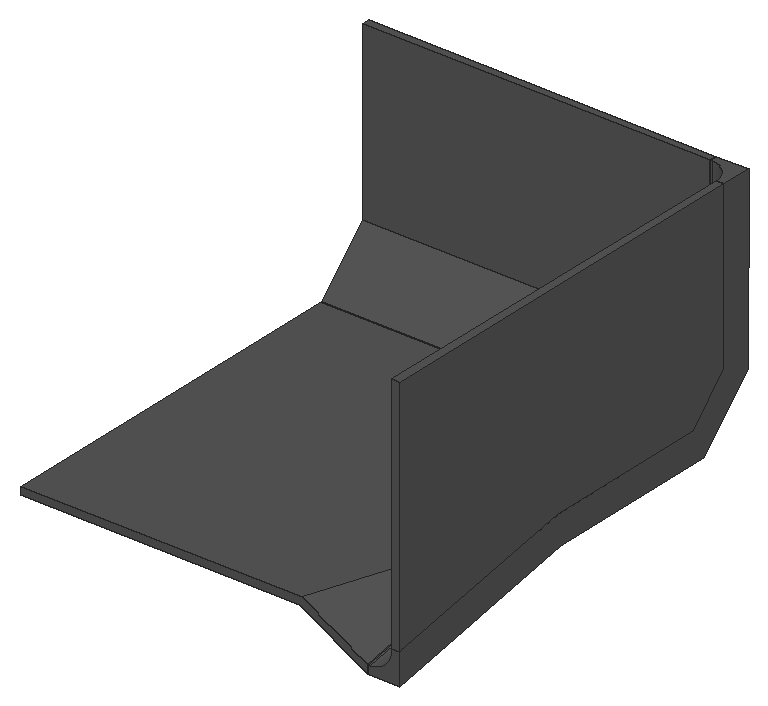
Revit family "2100.101 Kickout Flashing Chamfer", category Plumbing Fixtures, Revit 2016
Family settings
  Part Type = Normal
  Round Connector Dimension = Use Diameter
  OmniClass Number = 23.60.30.11
  OmniClass Title = Pipework Products for General Use
  Work Plane-Based = No
  Always vertical = Yes
  Cut with Voids When Loaded = No
  Shared = No
  Room Calculation Point = No
Parameters (values of type "2100.101 RH")
  URL = "www.aquaknight.co.nz"
  Phone = "+6498322214"  # constant formula
  Model = "2100.101"
  Material = Aquanight-Black
  Manufacturer = "Aquanight Industries Ltd"  # constant formula
  Is RH = not(Is LH)  # yes
  Is LH = no
  Email = "info@aquaknight.co.nz"  # constant formula
  Description = "Right Hand Butynol Kickout Flashing Black"
Types (3, lengths in mm): name | Is RH | Is LH | Description
  (no name) | yes | no | "Right Hand Butynol Kickout Flashing Black"
  2100.101 RH | yes | no | "Right Hand Butynol Kickout Flashing Black"
  2100.101 LH | no | yes | "Left Hand Butynol Kickout Flashing Black"
Reference planes
  plane 1 "Center (Front/Back)": y = 0
  plane 2: z = 0
  plane 3 "Center (Left/Right)": x = 0
  plane 4: x = -85
  plane 5: x = 85
  plane 6: y = -97.5
  plane 7: y = 97.5
  plane 8: z = 105
Forms (mm)
  Extrusion 1, solid, material "Aquanight-Black" <- "Material", visible <- "Is LH"
    sketch origin (-1508.652, -519.47, 1200) x (-0.945519, -0.325568, 0) y (0, 0, 1)
      loop
        line (-1706.947, -1196.5) -> (-1706.947, -1200) -> (-1526.003, -1200) -> (-1497.123, -1217) -> (-1497.123, -1213.438) -> (-1525.032, -1196.5) -> (-1706.947, -1196.5)
    from -123.481 to 130.103
  Sweep 2, solid, material "Aquanight-Black" <- "Material", visible <- "Is LH"
    path origin (0, 0, 0) x (0, 1, 0) y (0, 0, 1)
      loop
        line (-97.5, -17) -> (-7.5, 0) -> (72.5, 0) -> (97.5, 25) -> (97.5, 105)
    profile origin (0, 32.5, 0) x (0, 0, 1) y (1, 0, 0)
      loop
        line (0, -70.559) -> (0, -85) -> (13.5, -85) -> (13.5, -81.5)
        arc (13.5, -81.5) -> (6.429, -78.571) -> (3.5, -71.5) r 10
        line (3.5, -71.5) -> (3.5, -70.559) -> (0, -70.559)
  Extrusion 3, void
    sketch origin (0, 0, 0) x (1, 0, 0) y (0, 1, 0)
      loop
        line (85, -97.5) -> (85, 71.05) -> (-70.559, 71.05) -> (-70.559, -97.5) -> (85, -97.5)
      loop
        line (-204.326, 189.677) -> (-204.326, -170.323) -> (185.674, -170.323) -> (185.674, 189.677) -> (-204.326, 189.677)
    from -72.981 to 250
  Extrusion 4, solid, material "Aquanight-Black" <- "Material", visible <- "Is LH"
    sketch origin (-70.559, -97.5, -17) x (0, 0.982624, 0.185607) y (0, -0.185607, 0.982624)
      loop
        line (210.817, 84.336) -> (196.237, 7.151) -> (169.426, -11.14) -> (168.777, -14.579) -> (170.201, -14.849) -> (199.407, 5.077) -> (214.256, 83.687) -> (210.817, 84.336)
    from 0 to 155.559
  Extrusion 5, solid, material "Aquanight-Black" <- "Material", visible <- "Is LH"
    sketch origin (-85, -100.006, -3.735) x (0, 0.982624, 0.185607) y (0, 0.185607, -0.982624)
      loop
        line (187.18, 0.423) -> (167.212, 14.045) -> (92.855, 0) -> (2.55, 0) -> (22.644, -106.38) -> (200.99, -72.693) -> (187.18, 0.423)
    from 0 to -3.5
  Extrusion 6, void
    sketch origin (-85, -97.5, 105) x (0, 0, -1) y (1, 0, 0)
      loop
        line (103.415, -6.877) -> (124.818, -6.877) -> (124.818, 180) -> (103.415, 180) -> (103.415, -6.877)
    from 0 to 72.823
  Extrusion 7, solid, material "Aquanight-Black" <- "Material", visible <- "Is RH"
    sketch origin (1508.652, -519.47, 1200) x (0.945519, -0.325568, 0) y (0, 0, -1)
      loop
        line (-1706.947, 1196.5) -> (-1525.032, 1196.5) -> (-1497.123, 1213.438) -> (-1497.123, 1217) -> (-1526.003, 1200) -> (-1706.947, 1200) -> (-1706.947, 1196.5)
    from -123.481 to 130.103
  Extrusion 8, void
    sketch origin (0, 0, 0) x (-1, 0, 0) y (0, -1, 0)
      loop
        line (85, 97.5) -> (-70.559, 97.5) -> (-70.559, -71.05) -> (85, -71.05) -> (85, 97.5)
      loop
        line (-204.326, -189.677) -> (185.674, -189.677) -> (185.674, 170.323) -> (-204.326, 170.323) -> (-204.326, -189.677)
    from -72.981 to 250
  Sweep 9, solid, material "Aquanight-Black" <- "Material", visible <- "Is RH"
    path origin (0, 0, 0) x (0, 1, 0) y (0, 0, -1)
      loop
        line (-97.5, 17) -> (-7.5, 0) -> (72.5, 0) -> (97.5, -25) -> (97.5, -105)
    profile origin (0, 32.5, 0) x (0, 0, -1) y (-1, 0, 0)
      loop
        line (0, -70.559) -> (-3.5, -70.559) -> (-3.5, -71.5)
        arc (-3.5, -71.5) -> (-6.429, -78.571) -> (-13.5, -81.5) r 10
        line (-13.5, -81.5) -> (-13.5, -85) -> (0, -85) -> (0, -70.559)
  Extrusion 10, solid, material "Aquanight-Black" <- "Material", visible <- "Is RH"
    sketch origin (85, -100.006, -3.735) x (0, 0.982624, 0.185607) y (0, -0.185607, 0.982624)
      loop
        line (187.18, -0.423) -> (200.99, 72.693) -> (22.644, 106.38) -> (2.55, 0) -> (92.855, 0) -> (167.212, -14.045) -> (187.18, -0.423)
    from 0 to -3.5
  Extrusion 11, solid, material "Aquanight-Black" <- "Material", visible <- "Is RH"
    sketch origin (0, 0, 0) x (0, 1, 0) y (0, 0, 1)
      loop
        line (97.5, 25) -> (97.5, 105) -> (94, 105) -> (94, 26.45) -> (71.05, 3.5) -> (71.05, 0) -> (72.5, 0) -> (97.5, 25)
    from -85 to 70.559
  Extrusion 12, void
    sketch origin (0, 0, 0) x (-1, 0, 0) y (0, -1, 0)
      loop
        line (85, 97.5) -> (-70.559, 97.5) -> (-70.559, -71.05) -> (85, -71.05) -> (85, 97.5)
      loop
        line (-204.326, -189.677) -> (185.674, -189.677) -> (185.674, 170.323) -> (-204.326, 170.323) -> (-204.326, -189.677)
    from -72.981 to 250
  Extrusion 13, solid, material "Aquanight-Black" <- "Material", visible <- "Is LH"
    sketch origin (-70.559, -97.5, -17) x (0, 0.982624, 0.185607) y (0, -0.185607, 0.982624)
      loop
        line (210.817, 84.336) -> (196.237, 7.151) -> (169.426, -11.14) -> (168.777, -14.579) -> (170.201, -14.849) -> (199.407, 5.077) -> (214.256, 83.687) -> (210.817, 84.336)
    from 0 to 155.559
Cuts and joins
  Extrusion 6 cuts Sweep 2
  Extrusion 8 cuts Extrusion 4
  joined: Sweep 2, Extrusion 4, Extrusion 5
  Extrusion 6 cuts Sweep 9
  Extrusion 3 cuts Extrusion 1
  Extrusion 12 cuts Extrusion 7
Dimensions and locks
  aligned and locked: level to plane 2
